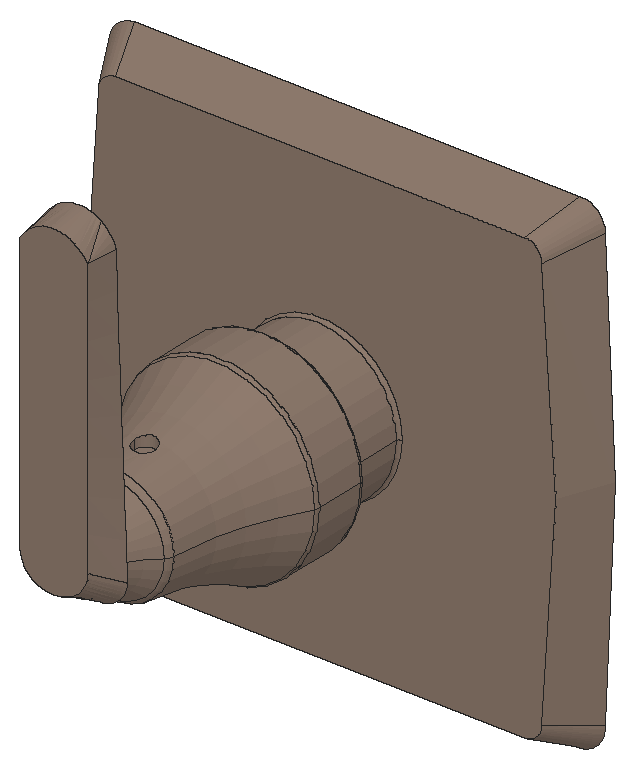
Revit family "Delta Ashlyn 3 Setting Diverter Trim 11864-RB", category Plumbing Fixtures, host Wall, Revit 2013
Parameters (values of type "Delta Ashlyn 3 Setting Diverter Trim 11864-RB")
  Width [instance] = 114.000 mm
  URL = "www.deltafaucet.com"
  Model = "11864"
  Manufacturer = "Delta Ashlyn"
  Height [instance] = 126.000 mm
  Faucet [instance] = Venetian Bronze
  Description = "Delta Ashlyn 3 Setting Diverter Trim 11864-RB"
  Depth [instance] = 83.000 mm
Reference planes
  plane 1: y = 0
  plane 2 "Center (Left/Right)": x = 0
  plane 3 "Wall Edge": y = 76.2
Text (mm)
  text "Placement Side" at (0, 1019.848, 3124.603), in view "Right"
  text "Placement Side" at (-1787.662, 723.012, 0), in view "Ref. Level"
  text "Placement Side" at (0, 2073.289, 3571.227), in view "Left"
Dimensions and locks
  locked: plane 3 "Wall Edge" to host wall
  aligned and locked: plane 2 "Center (Left/Right)" to nested 1
  aligned and locked: nested 1 to host wall
Nested families
  nested 1: "fgt11864_bim" at (0, -112.551, 609.6), type "fgt11864_bim"
Definition of nested family "fgt11864_bim"
  Parameters (values of type "fgt11864_bim")
    Faucet = Polished_Chrome
  Reference planes
    plane 1 "Center (Front/Back)": y = 0
    plane 2: z = 0
    plane 3 "Center (Left/Right)": x = 0
    plane 4: z = 114
  Forms (mm)
    Revolve 1, solid, material "Polished_Chrome" <- "Faucet"
      sketch origin (-309.306, 36.351, 56.534) x (0, -1, 0) y (1, 0, 0)
        loop
          arc (10.16, 290.98) -> (10.616, 291.378) -> (11.21, 291.492) r 1.165
          line (11.21, 291.492) -> (25.907, 291.492) -> (25.907, 287.656)
          arc (25.907, 287.656) -> (26.052, 287.259) -> (26.418, 287.047) r 0.618
          line (26.418, 287.047) -> (38.093, 287.047)
          arc (38.093, 287.047) -> (38.602, 287.119) -> (39.071, 287.328) r 1.845
          spline (39.071, 287.328) -> (41.558, 288.758) -> (43.838, 289.873) -> (45.982, 290.806) -> (48.028, 291.637) -> (49.975, 292.375) -> (51.819, 293.027) -> (53.603, 293.606) -> (55.441, 294.129) -> (57.458, 294.617) -> (59.846, 295.088) -> (63.029, 295.549) -> (67.478, 296.007)
          arc (67.478, 296.007) -> (68.309, 296.412) -> (68.974, 297.054) r 2.952
          spline (68.974, 297.054) -> (70.033, 298.089) -> (70.935, 298.842) -> (71.695, 299.416) -> (72.346, 299.897) -> (72.955, 300.333) -> (73.594, 300.769) -> (74.32, 301.237) -> (75.062, 301.689) -> (75.688, 302.036) -> (76.162, 302.198) -> (76.661, 302.111) -> (77.075, 301.182)
          line (77.075, 301.182) -> (77.075, 309.161) -> (10.16, 309.161) -> (10.16, 290.98)
        axis (10.16, 309.161) -> (77.075, 309.161)
      angle from 0 to 360
    Blend 2, solid, material "Polished_Chrome" <- "Faucet"
      base sketch origin (-471.073, 35.716, 63.678) x (1, 0, 0) y (0, 0, 1)
        loop
          arc (415.894, 41.942) -> (413.814, -6.549) -> (415.983, -55.037) r 554.494
          arc (415.983, -55.037) -> (417.123, -59.732) -> (421.487, -61.809) r 5.623
          arc (421.487, -61.809) -> (471.09, -63.678) -> (520.693, -61.809) r 659.159
          arc (520.693, -61.809) -> (524.896, -59.875) -> (526.162, -55.425) r 5.535
          arc (526.162, -55.425) -> (528.366, -6.411) -> (526.228, 42.607) r 554.494
          arc (526.228, 42.607) -> (524.607, 46.52) -> (520.693, 48.142) r 5.535
          arc (520.693, 48.142) -> (471.09, 50.322) -> (421.487, 48.142) r 565.27
          arc (421.487, 48.142) -> (417.312, 46.285) -> (415.894, 41.942) r 5.623
      top sketch origin (-471.073, 35.716, 63.678) x (1, 0, 0) y (0, 0, 1)
        loop
          arc (421.487, 39.086) -> (418.463, -7.093) -> (421.487, -53.271) r 354.174
          arc (421.487, -53.271) -> (422.608, -55.978) -> (425.315, -57.1) r 3.828
          arc (425.315, -57.1) -> (470.928, -58.8) -> (516.541, -57.1) r 612.768
          arc (516.541, -57.1) -> (519.248, -55.978) -> (520.369, -53.271) r 3.828
          arc (520.369, -53.271) -> (523.393, -7.093) -> (520.369, 39.086) r 354.174
          arc (520.369, 39.086) -> (519.248, 41.793) -> (516.541, 42.914) r 3.828
          arc (516.541, 42.914) -> (470.928, 44.614) -> (425.315, 42.914) r 612.768
          arc (425.315, 42.914) -> (422.608, 41.793) -> (421.487, 39.086) r 3.828
      from -0.635 to 9.525
    Blend 3, solid, material "Polished_Chrome" <- "Faucet"
      base sketch origin (194.708, 118.523, 117.36) x (1, 0, 0) y (0, 0, 1)
        loop
          line (-203.31, 2.765) -> (-204.459, -63.065)
          arc (-204.459, -63.065) -> (-202.843, -66.964) -> (-198.944, -68.58) r 5.515
          arc (-198.944, -68.58) -> (-194.651, -68.85) -> (-190.359, -68.58) r 34.169
          arc (-190.359, -68.58) -> (-186.286, -66.892) -> (-184.599, -62.82) r 5.76
          line (-184.599, -62.82) -> (-187.184, 2.765)
          arc (-187.184, 2.765) -> (-188.364, 5.39) -> (-190.427, 7.398) r 7.692
          arc (-190.427, 7.398) -> (-195.247, 8.845) -> (-200.066, 7.398) r 8.747
          arc (-200.066, 7.398) -> (-202.129, 5.39) -> (-203.31, 2.765) r 7.692
      top sketch origin (194.708, 118.523, 117.36) x (1, 0, 0) y (0, 0, 1)
        loop
          arc (-202.809, -59.131) -> (-201.716, -62.769) -> (-198.799, -65.204) r 6.604
          arc (-198.799, -65.204) -> (-195.264, -65.927) -> (-191.729, -65.204) r 8.999
          arc (-191.729, -65.204) -> (-188.812, -62.769) -> (-187.719, -59.131) r 6.604
          line (-187.719, -59.131) -> (-187.719, 2.747)
          arc (-187.719, 2.747) -> (-195.264, 7.163) -> (-202.809, 2.747) r 8.654
          line (-202.809, 2.747) -> (-202.809, -59.131)
      from 159.055 to 166.053
    Extrusion 4, void
      sketch origin (-309.306, 36.351, 63.678) x (0, -1, 0) y (1, 0, 0)
        loop
          circle (59.054, 309.14) r 2.551
      from 5.099 to 15.481
  Cuts and joins
    Extrusion 4 cuts Revolve 1
  Dimensions and locks
    plane 4 to level = 114.000 mm
    aligned and locked: plane 2 to level
    aligned and locked: Revolve 1 to Blend 2
